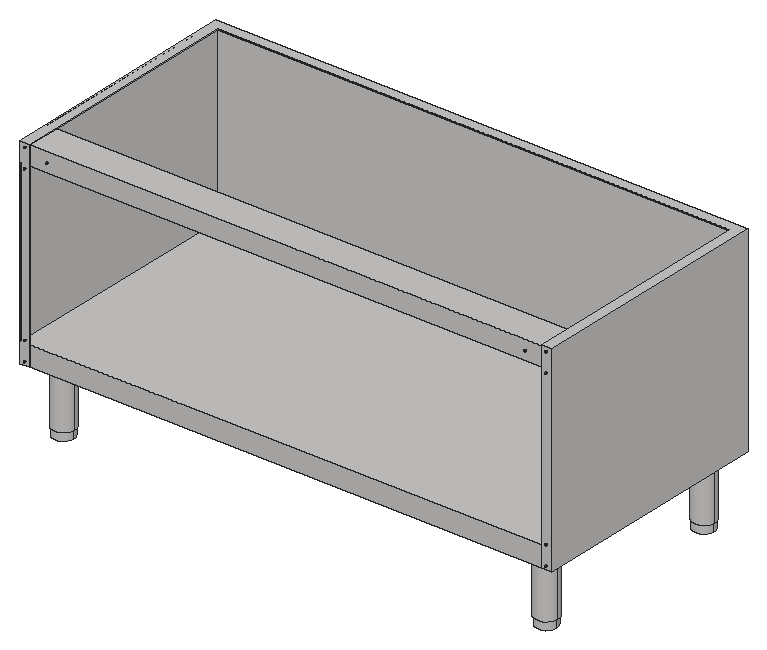
Revit family "QF_ELECTROLUXPROFESSIONAL_371265_E7BAML00O00", category Specialty Equipment, Revit 2018
Family settings
  Round Connector Dimension = Use Diameter
  Part Type = Normal
  Work Plane-Based = No
  Always vertical = Yes
  Cut with Voids When Loaded = No
  Shared = No
  Room Calculation Point = No
Parameters (values of type "Standard")
  Weight = 23.00 kg
  Watts = 0 W
  Volts = 0 V
  URL Manufacturer = "http://professional.electrolux.com"
  URL = "http://professional.electrolux.com"
  Steam Supply Size = 0"
  Steam Supply Minimum Pressure = 0.00 psi
  Steam Supply Maximum Pressure = 0.00 psi
  Steam Pounds per Hour = 0
  Refrigeration Suction Line Size = 0.00 mm
  Refrigeration Liquid Line Size = 0.00 mm
  Refrigerant Compressor Remote = yes
  Phase = 0
  Model = "E7BAML00O00"
  Manufacturer = "Electrolux Professional"
  Length Actual = 1200.00 mm  # constant formula
  Item Number = "371265"
  Hot Water Size = 0"
  Height Actual = 600.00 mm  # constant formula
  HP = "0 HP"
  Gas Size = 0"
  Gas KW = 0
  Gas Input Pressure = 0.0 Btu/h
  Direct Waste Size = 0"
  Description = "OPEN BASE CUPBOARD 1200MM W/FLANGED FEET"
  Depth Actual = 550.00 mm  # constant formula
  Cycle = 0 Hz
  Condensate Return Size = 0"
  Compressed Air Volume = 0 GPM
  Compressed Air Size = 0"
  Compressed Air Pressure = 0.00 psi
  Cold Water Size = 0"
  Accessory = yes
Reference planes
  plane 1 "BACK": y = 0
  plane 2: z = 0
  plane 3 "LEFT": x = 0
  plane 4 "RIGHT": x = 1199
  plane 5 "FRONT": y = -554
  plane 6 "TOP": z = 599
  plane 7 "Center Y": x = 599.5
  plane 8 "Center X": y = -277
  plane 9 "Base Height": z = 149
Forms (mm)
  Extrusion 1, solid, material "QF_Finishes_Stainless Steel"
    sketch origin (0, 0, 149) x (-1, 0, 0) y (0, -1, 0)
      loop
        line (0, 0) -> (0, 554) -> (-22, 554) -> (-22, 22) -> (-1177, 22) -> (-1177, 554) -> (-1199, 554) -> (-1199, 0) -> (0, 0)
    from 448.412 to 450
  Extrusion 2, solid, material "QF_Finishes_Stainless Steel"
    sketch origin (0, -554, 0) x (1, 0, 0) y (0, 0, 1)
      loop
        line (0, 597.413) -> (0, 149) -> (22, 149) -> (22, 597.413) -> (0, 597.413)
      loop
        line (1199, 149) -> (1199, 597.413) -> (1177, 597.413) -> (1177, 149) -> (1199, 149)
    from 0 to -1.59
  Extrusion 3, solid, material "QF_Finishes_Stainless Steel"
    sketch origin (0, 0, 0) x (0, 1, 0) y (0, 0, 1)
      loop
        line (-552.41, 597.413) -> (-552.41, 149) -> (0, 149) -> (0, 597.413) -> (-552.41, 597.413)
    from 0 to 1.59
  Extrusion 4, solid, material "QF_Finishes_Stainless Steel"
    sketch origin (1199, 0, 0) x (0, 1, 0) y (0, 0, 1)
      loop
        line (-552.41, 597.413) -> (-552.41, 149) -> (0, 149) -> (0, 597.413) -> (-552.41, 597.413)
    from 0 to -1.59
  Extrusion 5, solid, material "QF_Finishes_Stainless Steel"
    sketch origin (0, 0, 0) x (1, 0, 0) y (0, 0, 1)
      loop
        line (0, 597.413) -> (0, 149) -> (1199, 149) -> (1199, 597.413) -> (0, 597.413)
    from 0 to 1.59
  Extrusion 6, solid, material "QF_Finishes_Stainless Steel"
    sketch origin (0, 0, 149) x (-1, 0, 0) y (0, -1, 0)
      loop
        line (-1.59, 1.59) -> (-1.59, 552.41) -> (-1197.41, 552.41) -> (-1197.41, 1.59) -> (-1.59, 1.59)
      loop
        circle (-1152.751, 403.685) r 12.7
    from 0 to 45
  Extrusion 7, solid, material "QF_Finishes_Stainless Steel"
    sketch origin (0, 0, 0) x (0, 1, 0) y (0, 0, 1)
      loop
        line (-552.41, 597.413) -> (-552.41, 554.237) -> (-550.82, 554.237) -> (-550.82, 595.823) -> (-477.41, 595.823) -> (-477.41, 597.413) -> (-552.41, 597.413)
    from 1.59 to 1197.41
  Extrusion 8, solid, material "QF_Finishes_Stainless Steel"
    sketch origin (0, 0, 149) x (-1, 0, 0) y (0, -1, 0)
      loop
        circle (-1152.751, 403.685) r 12.7
    from -1.075 to 43.642
  Extrusion 9, solid, material "QF_Finishes_Black"
    sketch origin (399, -554, 149) x (-1, 0, 0) y (0, 0, -1)
      loop
        circle (387.615, -441.126) r 1.5
      loop
        circle (387.615, -397.951) r 1.5
      loop
        circle (387.615, -51.126) r 1.5
      loop
        circle (387.615, -7.951) r 1.5
      loop
        circle (-788.615, -441.126) r 1.5
      loop
        circle (-788.615, -397.951) r 1.5
      loop
        circle (-788.615, -51.126) r 1.5
      loop
        circle (-788.615, -7.951) r 1.5
    from 0 to 1.59
  Extrusion 10, solid, material "QF_Finishes_Black"
    sketch origin (0, -552.41, 592.413) x (0, 0, 1) y (-1, 0, 0)
      loop
        circle (-17.884, -59.72) r 1.5
      loop
        circle (-17.884, -1139.28) r 1.5
    from 0 to 1.59
  Revolve 11, solid, material "QF_Finishes_Stainless Steel"
    sketch origin (0, -499, 0) x (1, 0, 0) y (0, 0, 1)
      loop
        line (55, 0) -> (55, 149) -> (29.6, 149) -> (29.6, 19.05) -> (32.1, 19.05) -> (32.1, 0) -> (55, 0)
      axis (55, 0) -> (55, 149)
    angle from 0 to 360
  Revolve 12, solid, material "QF_Finishes_Stainless Steel"
    sketch origin (399, -499, 0) x (-1, 0, 0) y (0, 0, -1)
      loop
        line (-745, 0) -> (-767.9, 0) -> (-767.9, -19.05) -> (-770.4, -19.05) -> (-770.4, -149) -> (-745, -149) -> (-745, 0)
      axis (-745, 0) -> (-745, -149)
    angle from 0 to 360
  Revolve 13, solid, material "QF_Finishes_Stainless Steel"
    sketch origin (0, -55, 0) x (1, 0, 0) y (0, 0, -1)
      loop
        line (55, 0) -> (32.1, 0) -> (32.1, -19.05) -> (29.6, -19.05) -> (29.6, -149) -> (55, -149) -> (55, 0)
      axis (55, 0) -> (55, -149)
    angle from 0 to 360
  Revolve 14, solid, material "QF_Finishes_Stainless Steel"
    sketch origin (399, -55, 0) x (-1, 0, 0) y (0, 0, 1)
      loop
        line (-745, 0) -> (-745, 149) -> (-770.4, 149) -> (-770.4, 19.05) -> (-767.9, 19.05) -> (-767.9, 0) -> (-745, 0)
      axis (-745, 0) -> (-745, 149)
    angle from 0 to 360
Cuts and joins
  joined: Extrusion 1, Extrusion 2, Extrusion 3, Extrusion 4, Extrusion 5, Extrusion 6, Extrusion 7, Extrusion 8
Lines and regions (mm)
  symbolic lines, style "QF-Undercounter Details"
    curve 1: line (0, 0, 149) -> (1199, 0, 149)
    curve 2: line (0, -554, 149) -> (0, 0, 149)
    curve 3: line (1199, -554, 149) -> (0, -554, 149)
    curve 4: line (1199, 0, 149) -> (1199, -554, 149)
    curve 5: line (22, -477.41, 149) -> (1177, -477.41, 149)
    curve 6: line (1177, -554, 149) -> (1177, -22, 149)
    curve 7: line (1177, -22, 149) -> (22, -22, 149)
    curve 8: line (22, -22, 149) -> (22, -554, 149)
    curve 9: line (22, -22, 149) -> (0, 0, 149)
    curve 10: line (1177, -22, 149) -> (1199, 0, 149)
    curve 11: arc (1140.051, -403.685, 149) -> (1152.751, -390.985, 149) -> (1165.451, -403.685, 149) r 12.7
    curve 12: arc (1165.451, -403.685, 149) -> (1152.751, -416.385, 149) -> (1140.051, -403.685, 149) r 12.7
Dimensions and locks
  equal spacing: plane 3 "LEFT", plane 7 "Center Y", plane 4 "RIGHT"
  plane 3 "LEFT" to plane 4 "RIGHT" = 1199.00 mm
  equal spacing: plane 5 "FRONT", plane 8 "Center X", plane 1 "BACK"
  plane 5 "FRONT" to plane 1 "BACK" = 554.00 mm
  plane 6 "TOP" to level = 599.00 mm
  locked: plane 9 "Base Height" to level at 149
  aligned and locked: level to plane 2
  aligned and locked: Revolve 11 to plane 9 "Base Height"
  aligned and locked: plane 9 "Base Height" to Revolve 12
Automatic sketch dimensions
  plane 1 "BACK" to Extrusion 1 sketch curve = 0.00 mm
  Extrusion 1 sketch curve to plane 4 "RIGHT" = 0.00 mm
  plane 5 "FRONT" to Extrusion 1 sketch curve = 0.00 mm  (x2)
  Extrusion 1 sketch curve to plane 3 "LEFT" = 0.00 mm
  Extrusion 1 sketch curve to Extrusion 1 sketch curve = 22.00 mm
  plane 3 "LEFT" to Extrusion 1 sketch curve = 22.00 mm
  plane 1 "BACK" to Extrusion 1 sketch curve = 22.00 mm
  Extrusion 2 sketch curve to plane 3 "LEFT" = 0.00 mm
  Extrusion 2 sketch curve to plane 9 "Base Height" = 0.00 mm  (x2)
  Extrusion 2 sketch curve to plane 4 "RIGHT" = 0.00 mm
  plane 3 "LEFT" to Extrusion 2 sketch curve = 22.00 mm
  Extrusion 2 sketch curve to plane 4 "RIGHT" = 22.00 mm
  Extrusion 2 sketch curve to plane 6 "TOP" = 1.587 mm  (x2)
  Extrusion 3 sketch curve to plane 9 "Base Height" = 0.00 mm
  Extrusion 3 sketch curve to plane 1 "BACK" = 0.00 mm
  Extrusion 3 sketch curve to plane 5 "FRONT" = 1.59 mm
  Extrusion 3 sketch curve to plane 6 "TOP" = 1.587 mm
  Extrusion 4 sketch curve to plane 9 "Base Height" = 0.00 mm
  Extrusion 4 sketch curve to plane 1 "BACK" = 0.00 mm
  Extrusion 4 sketch curve to plane 5 "FRONT" = 1.59 mm
  Extrusion 4 sketch curve to plane 6 "TOP" = 1.587 mm
  Extrusion 5 sketch curve to plane 3 "LEFT" = 0.00 mm
  Extrusion 5 sketch curve to plane 4 "RIGHT" = 0.00 mm
  Extrusion 5 sketch curve to plane 9 "Base Height" = 0.00 mm
  Extrusion 5 sketch curve to plane 6 "TOP" = 1.587 mm
  Extrusion 6 sketch curve to Extrusion 6 sketch curve = 0.00 mm  (x2)
  Extrusion 6 sketch curve to plane 4 "RIGHT" = 1.59 mm
  Extrusion 6 sketch curve to plane 4 "RIGHT" = 33.549 mm
  Extrusion 6 sketch curve to Extrusion 6 sketch curve = 12.70 mm
  plane 3 "LEFT" to Extrusion 6 sketch curve = 1.59 mm
  plane 1 "BACK" to Extrusion 6 sketch curve = 1.59 mm
  Extrusion 6 sketch curve to plane 8 "Center X" = 126.685 mm
  Extrusion 6 sketch curve to plane 5 "FRONT" = 1.59 mm
  Extrusion 7 sketch curve to plane 5 "FRONT" = 1.59 mm
  Extrusion 7 sketch curve to Extrusion 7 sketch curve = 1.59 mm
  Extrusion 7 sketch curve to plane 6 "TOP" = 3.178 mm
  Extrusion 7 sketch curve to Extrusion 7 sketch curve = 73.41 mm
  Extrusion 7 sketch curve to Extrusion 7 sketch curve = 41.585 mm
  Extrusion 7 sketch curve to plane 6 "TOP" = 1.588 mm
  Extrusion 8 sketch curve to plane 4 "RIGHT" = 46.249 mm
  Extrusion 8 sketch curve to plane 8 "Center X" = 126.685 mm
  Extrusion 10 sketch curve to Extrusion 7 = 20.291 mm  (x2)
  Extrusion 7 to Extrusion 10 sketch curve = 58.13 mm  (x2)
  curve 11 to curve 12 = 0.00 mm  (x2)
  curve 4 to plane 4 "RIGHT" = 0.00 mm
  plane 5 "FRONT" to curve 6 = 0.00 mm
  curve 3 to plane 3 "LEFT" = 0.00 mm
  plane 1 "BACK" to curve 1 = 0.00 mm
  curve 7 to plane 4 "RIGHT" = 22.00 mm
  curve 12 to plane 4 "RIGHT" = 33.549 mm
  curve 11 to curve 12 = 12.70 mm
  plane 3 "LEFT" to curve 9 = 22.00 mm
  plane 1 "BACK" to curve 10 = 22.00 mm
  curve 12 to plane 8 "Center X" = 126.685 mm
  curve 5 to plane 5 "FRONT" = 76.59 mm
  Revolve 11 sketch curve to plane 9 "Base Height" = 0.00 mm
  Revolve 11 sketch curve to level = 0.00 mm
  plane 3 "LEFT" to Revolve 11 sketch curve = 29.60 mm
  Revolve 11 sketch curve to Revolve 11 sketch curve = 2.50 mm
  Revolve 11 sketch curve to Revolve 11 sketch curve = 25.40 mm
  Revolve 11 sketch curve to Revolve 11 sketch curve = 0.00 mm
  level to Revolve 11 sketch curve = 19.05 mm
  plane 9 "Base Height" to Revolve 11 sketch curve = 1.00 mm
  Revolve 11 sketch curve to Revolve 11 sketch curve = 20.00 mm
  Revolve 12 sketch curve to plane 9 "Base Height" = 0.00 mm
  Revolve 12 sketch curve to level = 0.00 mm
  Revolve 12 sketch curve to plane 4 "RIGHT" = 29.60 mm
  Revolve 12 sketch curve to Revolve 12 sketch curve = 2.50 mm
  Revolve 12 sketch curve to Revolve 12 sketch curve = 25.40 mm
  Revolve 12 sketch curve to Revolve 12 sketch curve = 0.00 mm
  Revolve 12 sketch curve to Revolve 12 sketch curve = 1.00 mm
  Revolve 12 sketch curve to Revolve 12 sketch curve = 20.00 mm
  level to Revolve 12 sketch curve = 19.05 mm
  Revolve 13 sketch curve to plane 9 "Base Height" = 0.00 mm
  Revolve 13 sketch curve to level = 0.00 mm
  plane 3 "LEFT" to Revolve 13 sketch curve = 29.60 mm
  Revolve 13 sketch curve to Revolve 13 sketch curve = 2.50 mm
  Revolve 13 sketch curve to Revolve 13 sketch curve = 25.40 mm
  Revolve 13 sketch curve to Revolve 13 sketch curve = 0.00 mm
  plane 9 "Base Height" to Revolve 13 sketch curve = 1.00 mm
  Revolve 13 sketch curve to Revolve 13 sketch curve = 20.00 mm
  level to Revolve 13 sketch curve = 19.05 mm
  Revolve 14 sketch curve to plane 9 "Base Height" = 0.00 mm
  Revolve 14 sketch curve to level = 0.00 mm
  Revolve 14 sketch curve to plane 4 "RIGHT" = 29.60 mm
  Revolve 14 sketch curve to Revolve 14 sketch curve = 2.50 mm
  Revolve 14 sketch curve to Revolve 14 sketch curve = 25.40 mm
  Revolve 14 sketch curve to Revolve 14 sketch curve = 0.00 mm
  level to Revolve 14 sketch curve = 19.05 mm
  Revolve 14 sketch curve to Revolve 14 sketch curve = 1.00 mm
  Revolve 14 sketch curve to Revolve 14 sketch curve = 20.00 mm
  Extrusion 9 sketch curve to Extrusion 1 = 397.286 mm
  Extrusion 1 to Extrusion 9 sketch curve = 1165.615 mm
  Extrusion 9 sketch curve to Extrusion 1 = 50.462 mm
  Extrusion 9 sketch curve to Extrusion 9 sketch curve = 0.00 mm  (x3)
  Extrusion 9 sketch curve to Extrusion 1 = 7.286 mm  (x2)
  Extrusion 9 sketch curve to Extrusion 1 = 10.615 mm  (x4)
  Extrusion 9 sketch curve to Extrusion 9 sketch curve = 43.175 mm  (x3)
  Extrusion 9 sketch curve to Extrusion 9 sketch curve = 346.825 mm
  radius of Extrusion 8 sketch curve = 12.70 mm
  radius of Extrusion 10 sketch curve = 1.50 mm  (x2)
  radius of Extrusion 9 sketch curve = 1.50 mm  (x8)
